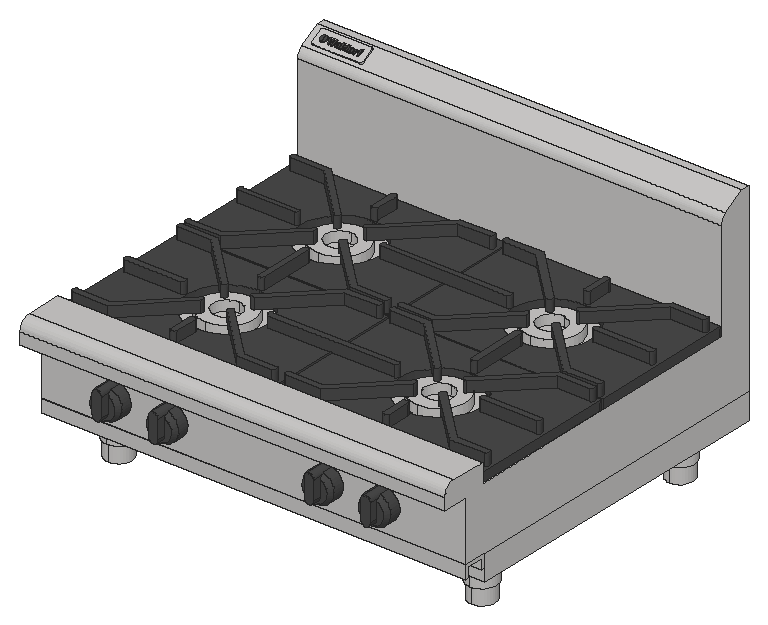
Revit family "QF_MOFFAT WALDORF_RN8900G-B", category Specialty Equipment, Revit 2012
Parameters
  Weight in Pounds = 284.396
  URL Cutsheet = "www.moffat.com"
  URL = "www.moffat.com"
  Type Mark [instance] = ""
  Status [instance] = ""
  Specification by User [instance] = ""
  Specification by Manufacturer = ""
  Show Logo [instance] = yes
  Serial Number = ""
  Seismic Rating = ""
  SMACNA No = ""
  Revision Code [instance] = ""
  Omniclass Number and Title = ""
  NAFEM Spec ID Number = ""
  Model = "RN8900G-B"
  Mechanical Remarks [instance] = ""
  Mechanical Connection Type [instance] = ""
  Masterspec = ""
  Manufacturer = "MOFFAT WALDORF"
  Item Number [instance] = ""
  Installed By [instance] = ""
  Identify Quantity as Lot [instance] = yes
  Gas Size = 3/4"
  Gas RI Height [instance] = 0.0 mm
  Gas KW [instance] = 31
  Gas Input [instance] = 106156.0 Btu/h
  Gas Connection Height = 0.0 mm
  Furnished By [instance] = ""
  Foodservice Equipment Identifier [instance] = yes
  Description = "COOK TOP GAS BENCH MOUNT"
  CSI MasterFormat = ""
  CSI Master Format = ""
  Base Height [instance] = 85.0 mm
Reference planes
  plane 1 "BACK": y = 0
  plane 2: z = 0
  plane 3 "LEFT": x = 0
  plane 4 "RIGHT": x = 900
  plane 5 "FRONT": y = -805
  plane 6 "TOP": z = 530
  plane 7 "Center Y": x = 450
  plane 8 "Center X": y = -402.5
  plane 9 "Base Height": z = 85
  plane 10: z = 315
  plane 11: x = 65.8
Forms (mm)
  Extrusion 1, solid, material "QF_Finishes_Stainless Steel"
    sketch origin (0, 0, 0) x (0, 1, 0) y (0, 0, 1)
      loop
        line (-805, 291) -> (-805, 266) -> (-749, 266) -> (-749, 140) -> (0, 140) -> (0, 530) -> (-16.5, 530) -> (-58.709, 505.631)
        arc (-58.709, 505.631) -> (-66.975, 497.365) -> (-70, 486.074) r 22.582
        line (-70, 486.074) -> (-70, 275) -> (-705, 275) -> (-705, 315) -> (-781, 315)
        arc (-781, 315) -> (-797.971, 307.971) -> (-805, 291) r 24
      loop
        line (0, 85) -> (0, 139.206) -> (-699, 139.206) -> (-699, 85) -> (0, 85)
      loop
        line (-749, 139.206) -> (-749, 112.019) -> (-742.6, 112.019) -> (-742.6, 132.806) -> (-706.4, 132.806) -> (-706.4, 112.019) -> (-700, 112.019) -> (-700, 139.206) -> (-749, 139.206)
    from 0 to 900
  Revolve 2, solid, material "QF_Finishes_Stainless Steel"
    sketch origin (835, -210, 0) x (0, 1, 0) y (0, 0, -1)
      loop
        line (78.25, -85) -> (110, -85) -> (110, 0) -> (82.5, 0) -> (82.5, -35) -> (78.25, -35) -> (78.25, -85)
      axis (110, -85) -> (110, 0)
    angle from 0 to 360
  Revolve 3, solid, material "QF_Finishes_Stainless Steel"
    sketch origin (65, -210, 0) x (0, 1, 0) y (0, 0, 1)
      loop
        line (78.25, 85) -> (78.25, 35) -> (82.5, 35) -> (82.5, 0) -> (110, 0) -> (110, 85) -> (78.25, 85)
      axis (110, 85) -> (110, 0)
    angle from 0 to 360
  Revolve 4, solid, material "QF_Finishes_Black"
    sketch origin (285.001, 0, 0) x (0, -1, 0) y (0, 0, 1)
      loop
        line (782, 234.605) -> (759, 234.605) -> (759, 207.105) -> (749, 207.105) -> (749, 202.105) -> (793, 202.105) -> (793, 228.757) -> (782, 234.605)
      axis (793, 202.105) -> (749, 202.105)
    angle from 0 to 360
  Extrusion 5, solid, material "QF_Finishes_Black"
    sketch origin (-3.43, 0, -103.997) x (1, 0, 0) y (0, 0, 1)
      loop
        line (298.431, 294) -> (298.431, 332.997)
        arc (298.431, 332.997) -> (288.431, 342.997) -> (278.431, 332.997) r 10
        line (278.431, 332.997) -> (278.431, 294)
        arc (278.431, 294) -> (288.431, 284) -> (298.431, 294) r 10
    from 759 to 808
  Extrusion 6, solid, material "QF_Finishes_Stainless Steel"
    sketch origin (705, 3, -505) x (1, 0, 0) y (0, 1, 0)
      loop
        circle (65, -35) r 13.5
    from 560 to 590
  Revolve 7, solid, material "QF_Finishes_Black"
    sketch origin (165, 0, -0.127) x (0, 1, 0) y (0, 0, -1)
      loop
        line (-782, -234.5) -> (-759, -234.5) -> (-759, -207) -> (-749, -207) -> (-749, -202) -> (-793, -202) -> (-793, -228.651) -> (-782, -234.5)
      axis (-793, -202) -> (-749, -202)
    angle from 0 to 360
  Extrusion 8, solid, material "QF_Finishes_Black"
    sketch origin (303.27, 0, 0.031) x (-1, 0, 0) y (0, 0, -1)
      loop
        arc (148.269, -189.969) -> (138.269, -179.969) -> (128.269, -189.969) r 10
        line (128.269, -189.969) -> (128.269, -228.969)
        arc (128.269, -228.969) -> (138.269, -238.969) -> (148.269, -228.969) r 10
        line (148.269, -228.969) -> (148.269, -189.969)
    from 759 to 808
  Extrusion 9, solid, material "QF_Finishes_Black"
    sketch origin (0, -70, 294.5) x (0, -1, 0) y (1, 0, 0)
      loop
        spline (259.398, 230.775) -> (258.104, 230.557) -> (256.898, 229.918) -> (255.862, 228.9) -> (255.068, 227.575) -> (254.568, 226.031) -> (254.398, 224.375) -> (254.568, 222.719) -> (255.068, 221.175) -> (255.862, 219.85) -> (256.898, 218.832) -> (258.104, 218.193) -> (259.398, 217.975)
        line (259.398, 217.975) -> (375.602, 217.975)
        spline (375.602, 217.975) -> (376.896, 218.193) -> (378.102, 218.832) -> (379.138, 219.85) -> (379.932, 221.175) -> (380.432, 222.719) -> (380.602, 224.375) -> (380.432, 226.031) -> (379.932, 227.575) -> (379.138, 228.9) -> (378.102, 229.918) -> (376.896, 230.557) -> (375.602, 230.775)
        line (375.602, 230.775) -> (259.398, 230.775)
      loop
        spline (608.602, 217.975) -> (609.896, 218.193) -> (611.102, 218.832) -> (612.138, 219.85) -> (612.932, 221.175) -> (613.432, 222.719) -> (613.602, 224.375) -> (613.432, 226.031) -> (612.932, 227.575) -> (612.138, 228.9) -> (611.102, 229.918) -> (609.896, 230.557) -> (608.602, 230.775)
        line (608.602, 230.775) -> (559.398, 230.775)
        spline (559.398, 230.775) -> (558.104, 230.557) -> (556.898, 229.918) -> (555.862, 228.9) -> (555.068, 227.575) -> (554.568, 226.031) -> (554.398, 224.375) -> (554.568, 222.719) -> (555.068, 221.175) -> (555.862, 219.85) -> (556.898, 218.832) -> (558.104, 218.193) -> (559.398, 217.975)
        line (559.398, 217.975) -> (608.602, 217.975)
      loop
        line (473.9, 13.273) -> (473.9, 132.477)
        spline (473.9, 132.477) -> (473.682, 133.771) -> (473.043, 134.977) -> (472.025, 136.013) -> (470.7, 136.807) -> (469.156, 137.307) -> (467.5, 137.477) -> (465.844, 137.307) -> (464.3, 136.807) -> (462.975, 136.013) -> (461.957, 134.977) -> (461.318, 133.771) -> (461.1, 132.477)
        line (461.1, 132.477) -> (461.1, 13.273)
        spline (461.1, 13.273) -> (461.318, 11.979) -> (461.957, 10.773) -> (462.975, 9.737) -> (464.3, 8.943) -> (465.844, 8.443) -> (467.5, 8.273) -> (469.156, 8.443) -> (470.7, 8.943) -> (472.025, 9.737) -> (473.043, 10.773) -> (473.682, 11.979) -> (473.9, 13.273)
      loop
        line (21.428, 87.354) -> (21.428, 13.21)
        spline (21.428, 13.21) -> (21.656, 11.916) -> (22.325, 10.71) -> (23.39, 9.675) -> (24.778, 8.88) -> (26.394, 8.381) -> (28.128, 8.21) -> (29.862, 8.381) -> (31.478, 8.88) -> (32.865, 9.675) -> (33.93, 10.71) -> (34.599, 11.916) -> (34.828, 13.21)
        line (34.828, 13.21) -> (34.828, 82.652) -> (140.576, 188.4)
        spline (140.576, 188.4) -> (141.337, 189.47) -> (141.738, 190.774) -> (141.751, 192.226) -> (141.375, 193.725) -> (140.637, 195.17) -> (139.586, 196.461) -> (138.295, 197.512) -> (136.85, 198.25) -> (135.351, 198.626) -> (133.899, 198.613) -> (132.595, 198.212) -> (131.525, 197.451)
        line (131.525, 197.451) -> (21.428, 87.354)
      loop
        spline (26.398, 230.775) -> (25.104, 230.557) -> (23.898, 229.918) -> (22.862, 228.9) -> (22.068, 227.575) -> (21.568, 226.031) -> (21.398, 224.375) -> (21.568, 222.719) -> (22.068, 221.175) -> (22.862, 219.85) -> (23.898, 218.832) -> (25.104, 218.193) -> (26.398, 217.975)
        line (26.398, 217.975) -> (75.602, 217.975)
        spline (75.602, 217.975) -> (76.896, 218.193) -> (78.102, 218.832) -> (79.138, 219.85) -> (79.932, 221.175) -> (80.432, 222.719) -> (80.602, 224.375) -> (80.432, 226.031) -> (79.932, 227.575) -> (79.138, 228.9) -> (78.102, 229.918) -> (76.896, 230.557) -> (75.602, 230.775)
        line (75.602, 230.775) -> (26.398, 230.775)
      loop
        line (313.572, 87.354) -> (203.475, 197.451)
        spline (203.475, 197.451) -> (202.405, 198.212) -> (201.101, 198.613) -> (199.649, 198.626) -> (198.15, 198.25) -> (196.705, 197.512) -> (195.414, 196.461) -> (194.363, 195.17) -> (193.625, 193.725) -> (193.249, 192.226) -> (193.262, 190.774) -> (193.663, 189.47) -> (194.424, 188.4)
        line (194.424, 188.4) -> (300.172, 82.652) -> (300.172, 13.21)
        spline (300.172, 13.21) -> (300.401, 11.916) -> (301.07, 10.71) -> (302.135, 9.675) -> (303.522, 8.88) -> (305.138, 8.381) -> (306.872, 8.21) -> (308.606, 8.381) -> (310.222, 8.88) -> (311.61, 9.675) -> (312.675, 10.71) -> (313.344, 11.916) -> (313.572, 13.21)
        line (313.572, 13.21) -> (313.572, 87.354)
      loop
        line (173.9, 13.273) -> (173.9, 132.477)
        spline (173.9, 132.477) -> (173.682, 133.771) -> (173.043, 134.977) -> (172.025, 136.013) -> (170.7, 136.807) -> (169.156, 137.307) -> (167.5, 137.477) -> (165.844, 137.307) -> (164.3, 136.807) -> (162.975, 136.013) -> (161.957, 134.977) -> (161.318, 133.771) -> (161.1, 132.477)
        line (161.1, 132.477) -> (161.1, 13.273)
        spline (161.1, 13.273) -> (161.318, 11.979) -> (161.957, 10.773) -> (162.975, 9.737) -> (164.3, 8.943) -> (165.844, 8.443) -> (167.5, 8.273) -> (169.156, 8.443) -> (170.7, 8.943) -> (172.025, 9.737) -> (173.043, 10.773) -> (173.682, 11.979) -> (173.9, 13.273)
      loop
        line (21.428, 361.396) -> (131.525, 251.299)
        spline (131.525, 251.299) -> (132.595, 250.538) -> (133.899, 250.137) -> (135.351, 250.124) -> (136.85, 250.5) -> (138.295, 251.238) -> (139.586, 252.289) -> (140.637, 253.58) -> (141.375, 255.025) -> (141.751, 256.524) -> (141.738, 257.976) -> (141.337, 259.28) -> (140.576, 260.35)
        line (140.576, 260.35) -> (34.828, 366.098) -> (34.828, 435.54)
        spline (34.828, 435.54) -> (34.599, 436.834) -> (33.93, 438.04) -> (32.865, 439.075) -> (31.478, 439.87) -> (29.862, 440.369) -> (28.128, 440.54) -> (26.394, 440.369) -> (24.778, 439.87) -> (23.39, 439.075) -> (22.325, 438.04) -> (21.656, 436.834) -> (21.428, 435.54)
        line (21.428, 435.54) -> (21.428, 361.396)
      loop
        line (313.572, 361.396) -> (313.572, 435.54)
        spline (313.572, 435.54) -> (313.344, 436.834) -> (312.675, 438.04) -> (311.61, 439.075) -> (310.222, 439.87) -> (308.606, 440.369) -> (306.872, 440.54) -> (305.138, 440.369) -> (303.522, 439.87) -> (302.135, 439.075) -> (301.07, 438.04) -> (300.401, 436.834) -> (300.172, 435.54)
        line (300.172, 435.54) -> (300.172, 366.098) -> (194.424, 260.35)
        spline (194.424, 260.35) -> (193.663, 259.28) -> (193.262, 257.976) -> (193.249, 256.524) -> (193.625, 255.025) -> (194.363, 253.58) -> (195.414, 252.289) -> (196.705, 251.238) -> (198.15, 250.5) -> (199.649, 250.124) -> (201.101, 250.137) -> (202.405, 250.538) -> (203.475, 251.299)
        line (203.475, 251.299) -> (313.572, 361.396)
      loop
        spline (173.9, 583.727) -> (173.682, 585.021) -> (173.043, 586.227) -> (172.025, 587.263) -> (170.7, 588.057) -> (169.156, 588.557) -> (167.5, 588.727) -> (165.844, 588.557) -> (164.3, 588.057) -> (162.975, 587.263) -> (161.957, 586.227) -> (161.318, 585.021) -> (161.1, 583.727)
        line (161.1, 583.727) -> (161.1, 316.273)
        spline (161.1, 316.273) -> (161.318, 314.979) -> (161.957, 313.773) -> (162.975, 312.737) -> (164.3, 311.943) -> (165.844, 311.443) -> (167.5, 311.273) -> (169.156, 311.443) -> (170.7, 311.943) -> (172.025, 312.737) -> (173.043, 313.773) -> (173.682, 314.979) -> (173.9, 316.273)
        line (173.9, 316.273) -> (173.9, 583.727)
      loop
        line (320.428, 87.354) -> (320.428, 13.21)
        spline (320.428, 13.21) -> (320.656, 11.916) -> (321.325, 10.71) -> (322.39, 9.675) -> (323.778, 8.88) -> (325.394, 8.381) -> (327.128, 8.21) -> (328.862, 8.381) -> (330.478, 8.88) -> (331.865, 9.675) -> (332.93, 10.71) -> (333.599, 11.916) -> (333.828, 13.21)
        line (333.828, 13.21) -> (333.828, 82.652) -> (439.576, 188.4)
        spline (439.576, 188.4) -> (440.337, 189.47) -> (440.738, 190.774) -> (440.751, 192.226) -> (440.375, 193.725) -> (439.637, 195.17) -> (438.586, 196.461) -> (437.295, 197.512) -> (435.85, 198.25) -> (434.351, 198.626) -> (432.899, 198.613) -> (431.595, 198.212) -> (430.525, 197.451)
        line (430.525, 197.451) -> (320.428, 87.354)
      loop
        line (612.572, 87.354) -> (502.475, 197.451)
        spline (502.475, 197.451) -> (501.405, 198.212) -> (500.101, 198.613) -> (498.649, 198.626) -> (497.15, 198.25) -> (495.705, 197.512) -> (494.414, 196.461) -> (493.363, 195.17) -> (492.625, 193.725) -> (492.249, 192.226) -> (492.262, 190.774) -> (492.663, 189.47) -> (493.424, 188.4)
        line (493.424, 188.4) -> (599.172, 82.652) -> (599.172, 13.21)
        spline (599.172, 13.21) -> (599.401, 11.916) -> (600.07, 10.71) -> (601.135, 9.675) -> (602.522, 8.88) -> (604.138, 8.381) -> (605.872, 8.21) -> (607.606, 8.381) -> (609.222, 8.88) -> (610.61, 9.675) -> (611.675, 10.71) -> (612.344, 11.916) -> (612.572, 13.21)
        line (612.572, 13.21) -> (612.572, 87.354)
      loop
        line (320.428, 361.396) -> (430.525, 251.299)
        spline (430.525, 251.299) -> (431.595, 250.538) -> (432.899, 250.137) -> (434.351, 250.124) -> (435.85, 250.5) -> (437.295, 251.238) -> (438.586, 252.289) -> (439.637, 253.58) -> (440.375, 255.025) -> (440.751, 256.524) -> (440.738, 257.976) -> (440.337, 259.28) -> (439.576, 260.35)
        line (439.576, 260.35) -> (333.828, 366.098) -> (333.828, 435.54)
        spline (333.828, 435.54) -> (333.599, 436.834) -> (332.93, 438.04) -> (331.865, 439.075) -> (330.478, 439.87) -> (328.862, 440.369) -> (327.128, 440.54) -> (325.394, 440.369) -> (323.778, 439.87) -> (322.39, 439.075) -> (321.325, 438.04) -> (320.656, 436.834) -> (320.428, 435.54)
        line (320.428, 435.54) -> (320.428, 361.396)
      loop
        line (612.572, 361.396) -> (612.572, 435.54)
        spline (612.572, 435.54) -> (612.344, 436.834) -> (611.675, 438.04) -> (610.61, 439.075) -> (609.222, 439.87) -> (607.606, 440.369) -> (605.872, 440.54) -> (604.138, 440.369) -> (602.522, 439.87) -> (601.135, 439.075) -> (600.07, 438.04) -> (599.401, 436.834) -> (599.172, 435.54)
        line (599.172, 435.54) -> (599.172, 366.098) -> (493.424, 260.35)
        spline (493.424, 260.35) -> (492.663, 259.28) -> (492.262, 257.976) -> (492.249, 256.524) -> (492.625, 255.025) -> (493.363, 253.58) -> (494.414, 252.289) -> (495.705, 251.238) -> (497.15, 250.5) -> (498.649, 250.124) -> (500.101, 250.137) -> (501.405, 250.538) -> (502.475, 251.299)
        line (502.475, 251.299) -> (612.572, 361.396)
      loop
        spline (472.9, 583.727) -> (472.682, 585.021) -> (472.043, 586.227) -> (471.025, 587.263) -> (469.7, 588.057) -> (468.156, 588.557) -> (466.5, 588.727) -> (464.844, 588.557) -> (463.3, 588.057) -> (461.975, 587.263) -> (460.957, 586.227) -> (460.318, 585.021) -> (460.1, 583.727)
        line (460.1, 583.727) -> (460.1, 316.273)
        spline (460.1, 316.273) -> (460.318, 314.979) -> (460.957, 313.773) -> (461.975, 312.737) -> (463.3, 311.943) -> (464.844, 311.443) -> (466.5, 311.273) -> (468.156, 311.443) -> (469.7, 311.943) -> (471.025, 312.737) -> (472.043, 313.773) -> (472.682, 314.979) -> (472.9, 316.273)
        line (472.9, 316.273) -> (472.9, 583.727)
      loop
        line (259.398, 669.225) -> (375.602, 669.225)
        spline (375.602, 669.225) -> (376.896, 669.443) -> (378.102, 670.082) -> (379.138, 671.1) -> (379.932, 672.425) -> (380.432, 673.969) -> (380.602, 675.625) -> (380.432, 677.281) -> (379.932, 678.825) -> (379.138, 680.15) -> (378.102, 681.168) -> (376.896, 681.807) -> (375.602, 682.025)
        line (375.602, 682.025) -> (259.398, 682.025)
        spline (259.398, 682.025) -> (258.104, 681.807) -> (256.898, 681.168) -> (255.862, 680.15) -> (255.068, 678.825) -> (254.568, 677.281) -> (254.398, 675.625) -> (254.568, 673.969) -> (255.068, 672.425) -> (255.862, 671.1) -> (256.898, 670.082) -> (258.104, 669.443) -> (259.398, 669.225)
      loop
        line (608.602, 682.025) -> (559.398, 682.025)
        spline (559.398, 682.025) -> (558.104, 681.807) -> (556.898, 681.168) -> (555.862, 680.15) -> (555.068, 678.825) -> (554.568, 677.281) -> (554.398, 675.625) -> (554.568, 673.969) -> (555.068, 672.425) -> (555.862, 671.1) -> (556.898, 670.082) -> (558.104, 669.443) -> (559.398, 669.225)
        line (559.398, 669.225) -> (608.602, 669.225)
        spline (608.602, 669.225) -> (609.896, 669.443) -> (611.102, 670.082) -> (612.138, 671.1) -> (612.932, 672.425) -> (613.432, 673.969) -> (613.602, 675.625) -> (613.432, 677.281) -> (612.932, 678.825) -> (612.138, 680.15) -> (611.102, 681.168) -> (609.896, 681.807) -> (608.602, 682.025)
      loop
        spline (473.9, 886.727) -> (473.682, 888.021) -> (473.043, 889.227) -> (472.025, 890.263) -> (470.7, 891.057) -> (469.156, 891.557) -> (467.5, 891.727) -> (465.844, 891.557) -> (464.3, 891.057) -> (462.975, 890.263) -> (461.957, 889.227) -> (461.318, 888.021) -> (461.1, 886.727)
        line (461.1, 886.727) -> (461.1, 767.523)
        spline (461.1, 767.523) -> (461.318, 766.229) -> (461.957, 765.023) -> (462.975, 763.987) -> (464.3, 763.193) -> (465.844, 762.693) -> (467.5, 762.523) -> (469.156, 762.693) -> (470.7, 763.193) -> (472.025, 763.987) -> (473.043, 765.023) -> (473.682, 766.229) -> (473.9, 767.523)
        line (473.9, 767.523) -> (473.9, 886.727)
      loop
        line (21.428, 812.646) -> (131.525, 702.549)
        spline (131.525, 702.549) -> (132.595, 701.788) -> (133.899, 701.387) -> (135.351, 701.374) -> (136.85, 701.75) -> (138.295, 702.488) -> (139.586, 703.539) -> (140.637, 704.83) -> (141.375, 706.275) -> (141.751, 707.774) -> (141.738, 709.226) -> (141.337, 710.53) -> (140.576, 711.6)
        line (140.576, 711.6) -> (34.828, 817.348) -> (34.828, 886.79)
        spline (34.828, 886.79) -> (34.599, 888.084) -> (33.93, 889.29) -> (32.865, 890.325) -> (31.478, 891.12) -> (29.862, 891.619) -> (28.128, 891.79) -> (26.394, 891.619) -> (24.778, 891.12) -> (23.39, 890.325) -> (22.325, 889.29) -> (21.656, 888.084) -> (21.428, 886.79)
        line (21.428, 886.79) -> (21.428, 812.646)
      loop
        line (26.398, 669.225) -> (75.602, 669.225)
        spline (75.602, 669.225) -> (76.896, 669.443) -> (78.102, 670.082) -> (79.138, 671.1) -> (79.932, 672.425) -> (80.432, 673.969) -> (80.602, 675.625) -> (80.432, 677.281) -> (79.932, 678.825) -> (79.138, 680.15) -> (78.102, 681.168) -> (76.896, 681.807) -> (75.602, 682.025)
        line (75.602, 682.025) -> (26.398, 682.025)
        spline (26.398, 682.025) -> (25.104, 681.807) -> (23.898, 681.168) -> (22.862, 680.15) -> (22.068, 678.825) -> (21.568, 677.281) -> (21.398, 675.625) -> (21.568, 673.969) -> (22.068, 672.425) -> (22.862, 671.1) -> (23.898, 670.082) -> (25.104, 669.443) -> (26.398, 669.225)
      loop
        line (313.572, 812.646) -> (313.572, 886.79)
        spline (313.572, 886.79) -> (313.344, 888.084) -> (312.675, 889.29) -> (311.61, 890.325) -> (310.222, 891.12) -> (308.606, 891.619) -> (306.872, 891.79) -> (305.138, 891.619) -> (303.522, 891.12) -> (302.135, 890.325) -> (301.07, 889.29) -> (300.401, 888.084) -> (300.172, 886.79)
        line (300.172, 886.79) -> (300.172, 817.348) -> (194.424, 711.6)
        spline (194.424, 711.6) -> (193.663, 710.53) -> (193.262, 709.226) -> (193.249, 707.774) -> (193.625, 706.275) -> (194.363, 704.83) -> (195.414, 703.539) -> (196.705, 702.488) -> (198.15, 701.75) -> (199.649, 701.374) -> (201.101, 701.387) -> (202.405, 701.788) -> (203.475, 702.549)
        line (203.475, 702.549) -> (313.572, 812.646)
      loop
        spline (173.9, 886.727) -> (173.682, 888.021) -> (173.043, 889.227) -> (172.025, 890.263) -> (170.7, 891.057) -> (169.156, 891.557) -> (167.5, 891.727) -> (165.844, 891.557) -> (164.3, 891.057) -> (162.975, 890.263) -> (161.957, 889.227) -> (161.318, 888.021) -> (161.1, 886.727)
        line (161.1, 886.727) -> (161.1, 767.523)
        spline (161.1, 767.523) -> (161.318, 766.229) -> (161.957, 765.023) -> (162.975, 763.987) -> (164.3, 763.193) -> (165.844, 762.693) -> (167.5, 762.523) -> (169.156, 762.693) -> (170.7, 763.193) -> (172.025, 763.987) -> (173.043, 765.023) -> (173.682, 766.229) -> (173.9, 767.523)
        line (173.9, 767.523) -> (173.9, 886.727)
      loop
        line (21.428, 538.604) -> (21.428, 464.46)
        spline (21.428, 464.46) -> (21.656, 463.166) -> (22.325, 461.96) -> (23.39, 460.925) -> (24.778, 460.13) -> (26.394, 459.631) -> (28.128, 459.46) -> (29.862, 459.631) -> (31.478, 460.13) -> (32.865, 460.925) -> (33.93, 461.96) -> (34.599, 463.166) -> (34.828, 464.46)
        line (34.828, 464.46) -> (34.828, 533.902) -> (140.576, 639.65)
        spline (140.576, 639.65) -> (141.337, 640.72) -> (141.738, 642.024) -> (141.751, 643.476) -> (141.375, 644.975) -> (140.637, 646.42) -> (139.586, 647.711) -> (138.295, 648.762) -> (136.85, 649.5) -> (135.351, 649.876) -> (133.899, 649.863) -> (132.595, 649.462) -> (131.525, 648.701)
        line (131.525, 648.701) -> (21.428, 538.604)
      loop
        line (313.572, 538.604) -> (203.475, 648.701)
        spline (203.475, 648.701) -> (202.405, 649.462) -> (201.101, 649.863) -> (199.649, 649.876) -> (198.15, 649.5) -> (196.705, 648.762) -> (195.414, 647.711) -> (194.363, 646.42) -> (193.625, 644.975) -> (193.249, 643.476) -> (193.262, 642.024) -> (193.663, 640.72) -> (194.424, 639.65)
        line (194.424, 639.65) -> (300.172, 533.902) -> (300.172, 464.46)
        spline (300.172, 464.46) -> (300.401, 463.166) -> (301.07, 461.96) -> (302.135, 460.925) -> (303.522, 460.13) -> (305.138, 459.631) -> (306.872, 459.46) -> (308.606, 459.631) -> (310.222, 460.13) -> (311.61, 460.925) -> (312.675, 461.96) -> (313.344, 463.166) -> (313.572, 464.46)
        line (313.572, 464.46) -> (313.572, 538.604)
      loop
        line (320.428, 812.646) -> (430.525, 702.549)
        spline (430.525, 702.549) -> (431.595, 701.788) -> (432.899, 701.387) -> (434.351, 701.374) -> (435.85, 701.75) -> (437.295, 702.488) -> (438.586, 703.539) -> (439.637, 704.83) -> (440.375, 706.275) -> (440.751, 707.774) -> (440.738, 709.226) -> (440.337, 710.53) -> (439.576, 711.6)
        line (439.576, 711.6) -> (333.828, 817.348) -> (333.828, 886.79)
        spline (333.828, 886.79) -> (333.599, 888.084) -> (332.93, 889.29) -> (331.865, 890.325) -> (330.478, 891.12) -> (328.862, 891.619) -> (327.128, 891.79) -> (325.394, 891.619) -> (323.778, 891.12) -> (322.39, 890.325) -> (321.325, 889.29) -> (320.656, 888.084) -> (320.428, 886.79)
        line (320.428, 886.79) -> (320.428, 812.646)
      loop
        line (612.572, 812.646) -> (612.572, 886.79)
        spline (612.572, 886.79) -> (612.344, 888.084) -> (611.675, 889.29) -> (610.61, 890.325) -> (609.222, 891.12) -> (607.606, 891.619) -> (605.872, 891.79) -> (604.138, 891.619) -> (602.522, 891.12) -> (601.135, 890.325) -> (600.07, 889.29) -> (599.401, 888.084) -> (599.172, 886.79)
        line (599.172, 886.79) -> (599.172, 817.348) -> (493.424, 711.6)
        spline (493.424, 711.6) -> (492.663, 710.53) -> (492.262, 709.226) -> (492.249, 707.774) -> (492.625, 706.275) -> (493.363, 704.83) -> (494.414, 703.539) -> (495.705, 702.488) -> (497.15, 701.75) -> (498.649, 701.374) -> (500.101, 701.387) -> (501.405, 701.788) -> (502.475, 702.549)
        line (502.475, 702.549) -> (612.572, 812.646)
      loop
        line (320.428, 538.604) -> (320.428, 464.46)
        spline (320.428, 464.46) -> (320.656, 463.166) -> (321.325, 461.96) -> (322.39, 460.925) -> (323.778, 460.13) -> (325.394, 459.631) -> (327.128, 459.46) -> (328.862, 459.631) -> (330.478, 460.13) -> (331.865, 460.925) -> (332.93, 461.96) -> (333.599, 463.166) -> (333.828, 464.46)
        line (333.828, 464.46) -> (333.828, 533.902) -> (439.576, 639.65)
        spline (439.576, 639.65) -> (440.337, 640.72) -> (440.738, 642.024) -> (440.751, 643.476) -> (440.375, 644.975) -> (439.637, 646.42) -> (438.586, 647.711) -> (437.295, 648.762) -> (435.85, 649.5) -> (434.351, 649.876) -> (432.899, 649.863) -> (431.595, 649.462) -> (430.525, 648.701)
        line (430.525, 648.701) -> (320.428, 538.604)
      loop
        line (612.572, 538.604) -> (502.475, 648.701)
        spline (502.475, 648.701) -> (501.405, 649.462) -> (500.101, 649.863) -> (498.649, 649.876) -> (497.15, 649.5) -> (495.705, 648.762) -> (494.414, 647.711) -> (493.363, 646.42) -> (492.625, 644.975) -> (492.249, 643.476) -> (492.262, 642.024) -> (492.663, 640.72) -> (493.424, 639.65)
        line (493.424, 639.65) -> (599.172, 533.902) -> (599.172, 464.46)
        spline (599.172, 464.46) -> (599.401, 463.166) -> (600.07, 461.96) -> (601.135, 460.925) -> (602.522, 460.13) -> (604.138, 459.631) -> (605.872, 459.46) -> (607.606, 459.631) -> (609.222, 460.13) -> (610.61, 460.925) -> (611.675, 461.96) -> (612.344, 463.166) -> (612.572, 464.46)
        line (612.572, 464.46) -> (612.572, 538.604)
    from 0 to 23.5
  Revolve 10, solid, material "QF_Finishes_Black"
    sketch origin (735, 0, 0) x (0, -1, 0) y (0, 0, 1)
      loop
        line (782, 234.605) -> (759, 234.605) -> (759, 207.105) -> (749, 207.105) -> (749, 202.105) -> (793, 202.105) -> (793, 228.757) -> (782, 234.605)
      axis (793, 202.105) -> (749, 202.105)
    angle from 0 to 360
  Extrusion 11, solid, material "QF_Finishes_Black"
    sketch origin (596.569, 0, -103.997) x (1, 0, 0) y (0, 0, 1)
      loop
        line (148.431, 294) -> (148.431, 332.997)
        arc (148.431, 332.997) -> (138.431, 342.997) -> (128.431, 332.997) r 10
        line (128.431, 332.997) -> (128.431, 294)
        arc (128.431, 294) -> (138.431, 284) -> (148.431, 294) r 10
    from 759 to 808
  Revolve 12, solid, material "QF_Finishes_Black"
    sketch origin (615, 0, -0.093) x (0, 1, 0) y (0, 0, -1)
      loop
        line (-782, -234.5) -> (-759, -234.5) -> (-759, -207) -> (-749, -207) -> (-749, -202) -> (-793, -202) -> (-793, -228.651) -> (-782, -234.5)
      axis (-793, -202) -> (-749, -202)
    angle from 0 to 360
  Extrusion 13, solid, material "QF_Finishes_Black"
    sketch origin (603.269, 0, 0.031) x (-1, 0, 0) y (0, 0, -1)
      loop
        arc (-1.731, -189.969) -> (-11.731, -179.969) -> (-21.731, -189.969) r 10
        line (-21.731, -189.969) -> (-21.731, -228.969)
        arc (-21.731, -228.969) -> (-11.731, -238.969) -> (-1.731, -228.969) r 10
        line (-1.731, -228.969) -> (-1.731, -189.969)
    from 759 to 808
  Revolve 14, solid, material "QF_Finishes_Stainless Steel"
    sketch origin (835, -735, 0) x (0, 1, 0) y (0, 0, -1)
      loop
        line (78.25, -85) -> (110, -85) -> (110, 0) -> (82.5, 0) -> (82.5, -35) -> (78.25, -35) -> (78.25, -85)
      axis (110, -85) -> (110, 0)
    angle from 0 to 360
  Revolve 15, solid, material "QF_Finishes_Stainless Steel"
    sketch origin (65, -735, 0) x (0, 1, 0) y (0, 0, 1)
      loop
        line (78.25, 85) -> (78.25, 35) -> (82.5, 35) -> (82.5, 0) -> (110, 0) -> (110, 85) -> (78.25, 85)
      axis (110, 85) -> (110, 0)
    angle from 0 to 360
  Extrusion 16, solid, material "QF_Finishes_Stainless Steel"
    sketch origin (0, -70, 275) x (0, -1, 0) y (1, 0, 0)
      loop
        circle (167.5, 224) r 57
      loop
        circle (167.5, 674) r 57
      loop
        circle (466.5, 674) r 57
      loop
        circle (466.5, 224) r 57
      loop
        circle (167.5, 224) r 30
      loop
        circle (167.5, 674) r 30
      loop
        circle (466.5, 674) r 30
      loop
        circle (466.5, 224) r 30
    from 0 to 20
  Extrusion 17, solid, material "QF_Finishes_Black"
    sketch origin (0, -70, 275) x (0, -1, 0) y (1, 0, 0)
      loop
        arc (1, 4) -> (1.879, 1.879) -> (4, 1) r 3
        line (4, 1) -> (312.375, 1)
        arc (312.375, 1) -> (314.496, 1.879) -> (315.375, 4) r 3
        line (315.375, 4) -> (315.375, 445.187)
        arc (315.375, 445.187) -> (314.496, 447.309) -> (312.375, 448.187) r 3
        line (312.375, 448.187) -> (4, 448.187)
        arc (4, 448.187) -> (1.879, 447.309) -> (1, 445.187) r 3
        line (1, 445.187) -> (1, 4)
      loop
        line (631, 899) -> (321.375, 899)
        arc (321.375, 899) -> (319.254, 898.121) -> (318.375, 896) r 3
        line (318.375, 896) -> (318.375, 454.812)
        arc (318.375, 454.812) -> (319.254, 452.691) -> (321.375, 451.812) r 3
        line (321.375, 451.812) -> (631, 451.812)
        arc (631, 451.812) -> (633.121, 452.691) -> (634, 454.812) r 3
        line (634, 454.812) -> (634, 896)
        arc (634, 896) -> (633.121, 898.121) -> (631, 899) r 3
      loop
        arc (4, 899) -> (1.879, 898.121) -> (1, 896) r 3
        line (1, 896) -> (1, 454.812)
        arc (1, 454.812) -> (1.879, 452.691) -> (4, 451.812) r 3
        line (4, 451.812) -> (312.375, 451.812)
        arc (312.375, 451.812) -> (314.496, 452.691) -> (315.375, 454.812) r 3
        line (315.375, 454.812) -> (315.375, 896)
        arc (315.375, 896) -> (314.496, 898.121) -> (312.375, 899) r 3
        line (312.375, 899) -> (4, 899)
      loop
        line (634, 4) -> (634, 445.187)
        arc (634, 445.187) -> (633.121, 447.309) -> (631, 448.187) r 3
        line (631, 448.187) -> (321.375, 448.187)
        arc (321.375, 448.187) -> (319.254, 447.309) -> (318.375, 445.187) r 3
        line (318.375, 445.187) -> (318.375, 4)
        arc (318.375, 4) -> (319.254, 1.879) -> (321.375, 1) r 3
        line (321.375, 1) -> (631, 1)
        arc (631, 1) -> (633.121, 1.879) -> (634, 4) r 3
      loop
        circle (167.98, 675.95) r 84.082
      loop
        circle (467.98, 675.95) r 84.082
      loop
        circle (467.079, 224.937) r 84.082
      loop
        circle (167.079, 224.937) r 84.082
    from 0 to 19.5
Cuts and joins
  joined: Revolve 7, Extrusion 8
  joined: Revolve 4, Extrusion 5
  joined: Revolve 12, Extrusion 13
  joined: Revolve 10, Extrusion 11
Lines and regions (mm)
  Split face 1
    outline origin (49.063, -19.748, 528.125) x (0, -0.866025, -0.5) y (1, 0, 0)
      loop
        line (1.427, 105.5) -> (35.836, 105.5) -> (35.836, 125.5) -> (1.427, 125.5) -> (1.427, 105.5)
  Split face 2
    outline origin (99.063, -19.748, 528.125) x (0, -0.866025, -0.5) y (1, 0, 0)
      loop
        line (1.427, 105.5) -> (35.836, 105.5) -> (35.836, 125.5) -> (1.427, 125.5) -> (1.427, 105.5)
  Split face 3
    outline origin (149.062, -19.748, 528.125) x (0, -0.866025, -0.5) y (1, 0, 0)
      loop
        line (1.427, 105.5) -> (35.836, 105.5) -> (35.836, 125.5) -> (1.427, 125.5) -> (1.427, 105.5)
  Split face 4
    outline origin (199.063, -19.748, 528.125) x (0, -0.866025, -0.5) y (1, 0, 0)
      loop
        line (1.427, 105.5) -> (35.836, 105.5) -> (35.836, 125.5) -> (1.427, 125.5) -> (1.427, 105.5)
  Split face 5
    outline origin (249.062, -19.748, 528.125) x (0, -0.866025, -0.5) y (1, 0, 0)
      loop
        line (1.427, 105.5) -> (35.836, 105.5) -> (35.836, 125.5) -> (1.427, 125.5) -> (1.427, 105.5)
  Split face 6
    outline origin (299.062, -19.748, 528.125) x (0, -0.866025, -0.5) y (1, 0, 0)
      loop
        line (1.427, 105.5) -> (35.836, 105.5) -> (35.836, 125.5) -> (1.427, 125.5) -> (1.427, 105.5)
  Split face 7
    outline origin (349.062, -19.748, 528.125) x (0, -0.866025, -0.5) y (1, 0, 0)
      loop
        line (1.427, 105.5) -> (35.836, 105.5) -> (35.836, 125.5) -> (1.427, 125.5) -> (1.427, 105.5)
  Split face 8
    outline origin (399.062, -19.748, 528.125) x (0, -0.866025, -0.5) y (1, 0, 0)
      loop
        line (1.427, 105.5) -> (35.836, 105.5) -> (35.836, 125.5) -> (1.427, 125.5) -> (1.427, 105.5)
  Split face 9
    outline origin (449.062, -19.748, 528.125) x (0, -0.866025, -0.5) y (1, 0, 0)
      loop
        line (1.427, 105.5) -> (35.836, 105.5) -> (35.836, 125.5) -> (1.427, 125.5) -> (1.427, 105.5)
  Split face 10
    outline origin (499.062, -19.748, 528.125) x (0, -0.866025, -0.5) y (1, 0, 0)
      loop
        line (1.427, 105.5) -> (35.836, 105.5) -> (35.836, 125.5) -> (1.427, 125.5) -> (1.427, 105.5)
  Split face 11
    outline origin (549.062, -19.748, 528.125) x (0, -0.866025, -0.5) y (1, 0, 0)
      loop
        line (1.427, 105.5) -> (35.836, 105.5) -> (35.836, 125.5) -> (1.427, 125.5) -> (1.427, 105.5)
  Split face 12
    outline origin (599.062, -19.748, 528.125) x (0, -0.866025, -0.5) y (1, 0, 0)
      loop
        line (1.427, 105.5) -> (35.836, 105.5) -> (35.836, 125.5) -> (1.427, 125.5) -> (1.427, 105.5)
  symbolic lines, visible <- "Show Logo"
    curve 1: line (12.5, -52.06, 0) -> (12.5, -21.099, 0)
    curve 2: line (121.5, -21.099, 0) -> (121.5, -52.06, 0)
    curve 3: line (12.5, -21.099, 0) -> (121.5, -21.099, 0)
    curve 4: line (12.5, -52.06, 0) -> (121.5, -52.06, 0)
  symbolic lines
    curve 5: line (154.563, -50.782, 0) -> (154.563, -20.984, 0)
    curve 6: line (154.563, -20.984, 0) -> (174.562, -20.984, 0)
    curve 7: line (174.562, -20.984, 0) -> (174.562, -50.782, 0)
    curve 8: line (174.562, -50.782, 0) -> (154.563, -50.782, 0)
    curve 9: line (204.563, -20.984, 0) -> (204.563, -50.782, 0)
    curve 10: line (204.563, -50.782, 0) -> (224.562, -50.782, 0)
    curve 11: line (224.562, -50.782, 0) -> (224.562, -20.984, 0)
    curve 12: line (224.562, -20.984, 0) -> (204.563, -20.984, 0)
    curve 13: line (254.563, -20.984, 0) -> (254.563, -50.782, 0)
    curve 14: line (254.563, -50.782, 0) -> (274.562, -50.782, 0)
    curve 15: line (274.562, -50.782, 0) -> (274.562, -20.984, 0)
    curve 16: line (274.562, -20.984, 0) -> (254.563, -20.984, 0)
    curve 17: line (304.563, -20.984, 0) -> (304.563, -50.782, 0)
    curve 18: line (304.563, -50.782, 0) -> (324.563, -50.782, 0)
    curve 19: line (324.563, -50.782, 0) -> (324.563, -20.984, 0)
    curve 20: line (324.563, -20.984, 0) -> (304.563, -20.984, 0)
    curve 21: line (354.563, -20.984, 0) -> (354.563, -50.782, 0)
    curve 22: line (354.563, -50.782, 0) -> (374.563, -50.782, 0)
    curve 23: line (374.563, -50.782, 0) -> (374.563, -20.984, 0)
    curve 24: line (374.563, -20.984, 0) -> (354.563, -20.984, 0)
    curve 25: line (404.563, -50.782, 0) -> (404.563, -20.984, 0)
    curve 26: line (404.563, -20.984, 0) -> (424.563, -20.984, 0)
    curve 27: line (424.563, -20.984, 0) -> (424.563, -50.782, 0)
    curve 28: line (424.563, -50.782, 0) -> (404.563, -50.782, 0)
    curve 29: line (454.563, -50.782, 0) -> (454.563, -20.984, 0)
    curve 30: line (454.563, -20.984, 0) -> (474.563, -20.984, 0)
    curve 31: line (474.563, -20.984, 0) -> (474.563, -50.782, 0)
    curve 32: line (474.563, -50.782, 0) -> (454.563, -50.782, 0)
    curve 33: line (504.563, -20.984, 0) -> (504.563, -50.782, 0)
    curve 34: line (504.563, -50.782, 0) -> (524.563, -50.782, 0)
    curve 35: line (524.563, -50.782, 0) -> (524.563, -20.984, 0)
    curve 36: line (524.563, -20.984, 0) -> (504.563, -20.984, 0)
    curve 37: line (554.563, -50.782, 0) -> (554.563, -20.984, 0)
    curve 38: line (554.563, -20.984, 0) -> (574.563, -20.984, 0)
    curve 39: line (574.563, -20.984, 0) -> (574.563, -50.782, 0)
    curve 40: line (574.563, -50.782, 0) -> (554.563, -50.782, 0)
    curve 41: line (604.563, -50.782, 0) -> (604.563, -20.984, 0)
    curve 42: line (604.563, -20.984, 0) -> (624.563, -20.984, 0)
    curve 43: line (624.563, -20.984, 0) -> (624.563, -50.782, 0)
    curve 44: line (624.563, -50.782, 0) -> (604.563, -50.782, 0)
    curve 45: line (654.563, -50.782, 0) -> (654.563, -20.984, 0)
    curve 46: line (654.563, -20.984, 0) -> (674.563, -20.984, 0)
    curve 47: line (674.563, -20.984, 0) -> (674.563, -50.782, 0)
    curve 48: line (674.563, -50.782, 0) -> (654.563, -50.782, 0)
    curve 49: line (724.563, -50.782, 0) -> (704.563, -50.782, 0)
    curve 50: line (704.563, -50.782, 0) -> (704.563, -20.984, 0)
    curve 51: line (704.563, -20.984, 0) -> (724.563, -20.984, 0)
    curve 52: line (724.563, -20.984, 0) -> (724.563, -50.782, 0)
    curve 53: line (0, -805, 0) -> (900, -805, 0)
    curve 54: line (0, 0, 0) -> (0, -805, 0)
    curve 55: line (900, -805, 0) -> (900, 0, 0)
    curve 56: line (900, 0, 0) -> (0, 0, 0)
    curve 57: line (0, -70, 0) -> (900, -70, 0)
    curve 58: line (900, -705, 0) -> (0, -705, 0)
    curve 59: line (7.898, -98.128, 0) -> (84.628, -98.128, 0)
    curve 60: line (84.628, -98.128, 0) -> (192.551, -206.051, 0)
    curve 61: line (224, -96.398, 0) -> (224, -145.602, 0)
    curve 62: line (440.102, -98.128, 0) -> (363.372, -98.128, 0)
    curve 63: line (363.372, -98.128, 0) -> (255.449, -206.051, 0)
    curve 64: line (578.727, -237.5, 0) -> (315.898, -237.5, 0)
    curve 65: line (457.898, -98.128, 0) -> (534.628, -98.128, 0)
    curve 66: line (534.628, -98.128, 0) -> (642.551, -206.051, 0)
    curve 67: line (7.898, -237.5, 0) -> (132.102, -237.5, 0)
    curve 68: line (7.898, -376.872, 0) -> (84.628, -376.872, 0)
    curve 69: line (84.628, -376.872, 0) -> (192.551, -268.949, 0)
    curve 70: line (224, -440.611, 0) -> (224, -329.398, 0)
    curve 71: line (440.102, -376.872, 0) -> (363.372, -376.872, 0)
    curve 72: line (363.372, -376.872, 0) -> (255.449, -268.949, 0)
    curve 73: line (7.898, -397.128, 0) -> (84.628, -397.128, 0)
    curve 74: line (84.628, -397.128, 0) -> (192.551, -505.051, 0)
    curve 75: line (440.102, -397.128, 0) -> (363.372, -397.128, 0)
    curve 76: line (363.372, -397.128, 0) -> (255.449, -505.051, 0)
    curve 77: line (578.727, -536.5, 0) -> (315.898, -536.5, 0)
    curve 78: line (7.898, -536.5, 0) -> (132.102, -536.5, 0)
    curve 79: line (7.898, -675.872, 0) -> (84.628, -675.872, 0)
    curve 80: line (84.628, -675.872, 0) -> (192.551, -567.949, 0)
    curve 81: line (224, -677.602, 0) -> (224, -628.398, 0)
    curve 82: line (440.102, -675.872, 0) -> (363.372, -675.872, 0)
    curve 83: line (363.372, -675.872, 0) -> (255.449, -567.949, 0)
    curve 84: arc (224, -479.5, 0) -> (281, -536.5, 0) -> (224, -593.5, 0) r 57
    curve 85: arc (224, -593.5, 0) -> (167, -536.5, 0) -> (224, -479.5, 0) r 57
    curve 86: arc (224, -180.5, 0) -> (281, -237.5, 0) -> (224, -294.5, 0) r 57
    curve 87: arc (224, -294.5, 0) -> (167, -237.5, 0) -> (224, -180.5, 0) r 57
    curve 88: arc (674, -294.5, 0) -> (617, -237.5, 0) -> (674, -180.5, 0) r 57
    curve 89: arc (674, -180.5, 0) -> (731, -237.5, 0) -> (674, -294.5, 0) r 57
    curve 90: arc (674, -593.5, 0) -> (617, -536.5, 0) -> (674, -479.5, 0) r 57
    curve 91: arc (674, -479.5, 0) -> (731, -536.5, 0) -> (674, -593.5, 0) r 57
    curve 92: line (457.898, -376.872, 0) -> (534.628, -376.872, 0)
    curve 93: line (534.628, -376.872, 0) -> (642.551, -268.949, 0)
    curve 94: line (890.102, -98.128, 0) -> (813.372, -98.128, 0)
    curve 95: line (813.372, -98.128, 0) -> (705.449, -206.051, 0)
    curve 96: line (674, -96.398, 0) -> (674, -145.602, 0)
    curve 97: line (890.102, -237.5, 0) -> (765.898, -237.5, 0)
    curve 98: line (890.102, -376.872, 0) -> (813.372, -376.872, 0)
    curve 99: line (813.372, -376.872, 0) -> (705.449, -268.949, 0)
    curve 100: line (890.102, -397.128, 0) -> (813.372, -397.128, 0)
    curve 101: line (813.372, -397.128, 0) -> (705.449, -505.051, 0)
    curve 102: line (457.898, -397.128, 0) -> (534.628, -397.128, 0)
    curve 103: line (534.628, -397.128, 0) -> (642.551, -505.051, 0)
    curve 104: line (674, -440.766, 0) -> (674, -329.398, 0)
    curve 105: line (890.102, -536.5, 0) -> (765.898, -536.5, 0)
    curve 106: line (890.102, -675.872, 0) -> (813.372, -675.872, 0)
    curve 107: line (813.372, -675.872, 0) -> (705.449, -567.949, 0)
    curve 108: line (674, -677.602, 0) -> (674, -628.398, 0)
    curve 109: line (457.898, -675.872, 0) -> (534.628, -675.872, 0)
    curve 110: line (534.628, -675.872, 0) -> (642.551, -567.949, 0)
    curve 111: line (450, -70, 0) -> (450, -705, 0)
    curve 112: line (0, -386.872, 0) -> (899, -386.872, 0)
    curve 113: arc (224.78, -153.01, 0) -> (308.862, -237.092, 0) -> (224.78, -321.175, 0) r 84.082
    curve 114: arc (224.78, -321.175, 0) -> (140.698, -237.092, 0) -> (224.78, -153.01, 0) r 84.082
    curve 115: arc (675.793, -322.076, 0) -> (591.711, -237.994, 0) -> (675.793, -153.912, 0) r 84.082
    curve 116: arc (675.793, -153.912, 0) -> (759.876, -237.994, 0) -> (675.793, -322.076, 0) r 84.082
    curve 117: arc (675.793, -453.912, 0) -> (759.876, -537.994, 0) -> (675.793, -622.076, 0) r 84.082
    curve 118: arc (675.793, -622.076, 0) -> (591.711, -537.994, 0) -> (675.793, -453.912, 0) r 84.082
    curve 119: arc (224.78, -453.01, 0) -> (308.862, -537.092, 0) -> (224.78, -621.175, 0) r 84.082
    curve 120: arc (224.78, -621.175, 0) -> (140.698, -537.092, 0) -> (224.78, -453.01, 0) r 84.082
    curve 121: arc (224, -267.5, 0) -> (194, -237.5, 0) -> (224, -207.5, 0) r 30
    curve 122: arc (224, -207.5, 0) -> (254, -237.5, 0) -> (224, -267.5, 0) r 30
    curve 123: arc (674, -267.5, 0) -> (644, -237.5, 0) -> (674, -207.5, 0) r 30
    curve 124: arc (674, -207.5, 0) -> (704, -237.5, 0) -> (674, -267.5, 0) r 30
    curve 125: arc (674, -506.5, 0) -> (704, -536.5, 0) -> (674, -566.5, 0) r 30
    curve 126: arc (674, -566.5, 0) -> (644, -536.5, 0) -> (674, -506.5, 0) r 30
    curve 127: arc (224, -566.5, 0) -> (194, -536.5, 0) -> (224, -506.5, 0) r 30
    curve 128: arc (224, -506.5, 0) -> (254, -536.5, 0) -> (224, -566.5, 0) r 30
Dimensions and locks
  equal spacing: plane 3 "LEFT", plane 7 "Center Y", plane 4 "RIGHT"
  plane 3 "LEFT" to plane 4 "RIGHT" = 900.0 mm
  equal spacing: plane 5 "FRONT", plane 8 "Center X", plane 1 "BACK"
  plane 5 "FRONT" to plane 1 "BACK" = 805.0 mm
  "Base Height": plane 9 "Base Height" to level
  plane 6 "TOP" to level = 530.0 mm
  level to Extrusion 6 = 55.0 mm
  Extrusion 6 to plane 9 "Base Height" = 30.0 mm
  Revolve 10 sketch curve to Revolve 10 sketch curve to Revolve 12 = 11.0 mm locked, 23.0 mm locked
  plane 10 to level = 315.0 mm
  Extrusion 17 sketch curve to plane 11 = 64.8 mm
  aligned and locked: level to plane 2
  aligned and locked: plane 9 "Base Height" to Extrusion 6
  aligned and locked: Revolve 3 sketch curve to plane 9 "Base Height"
  aligned and locked: Extrusion 1 to Revolve 10 sketch curve
Automatic sketch dimensions
  plane 1 "BACK" to Extrusion 6 sketch curve = 32.0 mm
  plane 4 "RIGHT" to Extrusion 6 sketch curve = 130.0 mm
  Revolve 2 sketch curve to plane 9 "Base Height" = 0.0 mm
  Revolve 2 sketch curve to level = 0.0 mm
  level to Revolve 2 sketch curve = 35.0 mm
  plane 1 "BACK" to Revolve 2 sketch curve = 131.75 mm
  Revolve 2 sketch curve to Revolve 2 sketch curve = 4.25 mm
  Revolve 2 sketch curve to Revolve 2 sketch curve = 27.5 mm
  Revolve 2 sketch curve to Revolve 2 sketch curve = 0.0 mm
  Revolve 2 sketch curve to Revolve 2 sketch curve = 30.0 mm
  Revolve 2 sketch curve to Revolve 2 sketch curve = 55.0 mm
  Revolve 3 sketch curve to level = 0.0 mm
  level to Revolve 3 sketch curve = 35.0 mm
  plane 1 "BACK" to Revolve 3 sketch curve = 131.75 mm
  Revolve 3 sketch curve to Revolve 3 sketch curve = 4.25 mm
  Revolve 3 sketch curve to Revolve 3 sketch curve = 27.5 mm
  Revolve 3 sketch curve to Revolve 3 sketch curve = 0.0 mm
  Revolve 3 sketch curve to Revolve 3 sketch curve = 55.0 mm
  Revolve 3 sketch curve to plane 9 "Base Height" = 30.0 mm
  Revolve 4 sketch curve to plane 5 "FRONT" = 56.0 mm
  Revolve 4 sketch curve to Revolve 4 sketch curve = 10.0 mm
  Revolve 4 sketch curve to Revolve 4 sketch curve = 21.3 mm
  Revolve 4 sketch curve to plane 5 "FRONT" = 23.0 mm
  Revolve 4 sketch curve to plane 5 "FRONT" = 12.0 mm
  Revolve 4 sketch curve to Revolve 4 sketch curve = 0.0 mm  (x2)
  plane 9 "Base Height" to Revolve 4 sketch curve = 117.105 mm
  Revolve 4 sketch curve to Revolve 4 sketch curve = 5.0 mm
  Revolve 4 sketch curve to Revolve 4 sketch curve = 26.651 mm
  Revolve 4 sketch curve to Revolve 4 sketch curve = 5.849 mm
  plane 3 "LEFT" to Extrusion 5 sketch curve = 275.001 mm
  Extrusion 5 sketch curve to Extrusion 5 sketch curve = 10.0 mm
  plane 9 "Base Height" to Extrusion 5 sketch curve = 105.003 mm
  Extrusion 5 sketch curve to Extrusion 5 sketch curve = 38.997 mm
  Revolve 7 sketch curve to plane 5 "FRONT" = 12.0 mm
  Revolve 7 sketch curve to Revolve 7 sketch curve = 0.0 mm  (x2)
  Revolve 7 sketch curve to Revolve 7 sketch curve = 11.0 mm
  Revolve 7 sketch curve to Revolve 7 sketch curve = 12.7 mm
  Revolve 7 sketch curve to Revolve 7 sketch curve = 23.0 mm
  Revolve 7 sketch curve to Revolve 7 sketch curve = 10.0 mm
  plane 9 "Base Height" to Revolve 7 sketch curve = 149.373 mm
  Revolve 7 sketch curve to Revolve 7 sketch curve = 5.849 mm
  Revolve 7 sketch curve to Revolve 7 sketch curve = 27.5 mm
  Revolve 7 sketch curve to Revolve 7 sketch curve = 5.0 mm
  plane 3 "LEFT" to Extrusion 8 sketch curve = 175.001 mm
  Extrusion 8 sketch curve to Extrusion 8 sketch curve = 10.0 mm
  plane 9 "Base Height" to Extrusion 8 sketch curve = 144.0 mm
  Extrusion 8 sketch curve to Extrusion 8 sketch curve = 39.0 mm
  Extrusion 1 to Split face 1 sketch curve = 5.177 mm
  Split face 1 sketch curve to Extrusion 1 = 9.153 mm
  Split face 1 sketch curve to Extrusion 1 = 154.563 mm
  Split face 1 sketch curve to Split face 1 sketch curve = 20.0 mm
  Revolve 10 sketch curve to Revolve 10 sketch curve = 23.0 mm
  Revolve 10 sketch curve to Revolve 10 sketch curve = 12.7 mm
  Revolve 10 sketch curve to Revolve 10 sketch curve = 0.0 mm  (x2)
  plane 9 "Base Height" to Revolve 10 sketch curve = 117.105 mm
  Revolve 10 sketch curve to Revolve 10 sketch curve = 5.0 mm
  Revolve 10 sketch curve to Revolve 10 sketch curve = 26.651 mm
  Revolve 10 sketch curve to Revolve 10 sketch curve = 5.849 mm
  plane 4 "RIGHT" to Extrusion 11 sketch curve = 175.0 mm
  Extrusion 11 sketch curve to Extrusion 11 sketch curve = 10.0 mm
  plane 9 "Base Height" to Extrusion 11 sketch curve = 105.003 mm
  Extrusion 11 sketch curve to Extrusion 11 sketch curve = 38.997 mm
  Revolve 12 sketch curve to plane 5 "FRONT" = 12.0 mm
  Revolve 12 sketch curve to Revolve 12 sketch curve = 0.0 mm  (x2)
  Revolve 12 sketch curve to Revolve 12 sketch curve = 11.0 mm
  Revolve 12 sketch curve to Revolve 12 sketch curve = 12.7 mm
  Revolve 12 sketch curve to Revolve 12 sketch curve = 23.0 mm
  Revolve 12 sketch curve to Revolve 12 sketch curve = 10.0 mm
  plane 9 "Base Height" to Revolve 12 sketch curve = 149.407 mm
  Revolve 12 sketch curve to Revolve 12 sketch curve = 5.849 mm
  Revolve 12 sketch curve to Revolve 12 sketch curve = 27.5 mm
  Revolve 12 sketch curve to Revolve 12 sketch curve = 5.0 mm
  plane 4 "RIGHT" to Extrusion 13 sketch curve = 275.0 mm
  Extrusion 13 sketch curve to Extrusion 13 sketch curve = 10.0 mm
  plane 9 "Base Height" to Extrusion 13 sketch curve = 144.0 mm
  Extrusion 13 sketch curve to Extrusion 13 sketch curve = 39.0 mm
  Revolve 14 sketch curve to plane 9 "Base Height" = 0.0 mm
  Revolve 14 sketch curve to level = 0.0 mm
  level to Revolve 14 sketch curve = 35.0 mm
  Revolve 14 sketch curve to plane 5 "FRONT" = 148.25 mm
  Revolve 14 sketch curve to Revolve 14 sketch curve = 4.25 mm
  Revolve 14 sketch curve to Revolve 14 sketch curve = 27.5 mm
  Revolve 14 sketch curve to Revolve 14 sketch curve = 0.0 mm
  Revolve 14 sketch curve to plane 9 "Base Height" = 30.0 mm
  Revolve 14 sketch curve to Revolve 14 sketch curve = 55.0 mm
  Revolve 15 sketch curve to plane 9 "Base Height" = 0.0 mm
  Revolve 15 sketch curve to level = 0.0 mm
  level to Revolve 15 sketch curve = 35.0 mm
  Revolve 15 sketch curve to plane 5 "FRONT" = 148.25 mm
  Revolve 15 sketch curve to Revolve 15 sketch curve = 4.25 mm
  Revolve 15 sketch curve to Revolve 15 sketch curve = 27.5 mm
  Revolve 15 sketch curve to Revolve 15 sketch curve = 0.0 mm
  Revolve 15 sketch curve to Revolve 15 sketch curve = 55.0 mm
  Revolve 15 sketch curve to Revolve 15 sketch curve = 30.0 mm
  Extrusion 1 to Split face 2 sketch curve = 5.177 mm
  Split face 2 sketch curve to Extrusion 1 = 9.153 mm
  Split face 2 sketch curve to Extrusion 1 = 204.563 mm
  Split face 2 sketch curve to Split face 2 sketch curve = 20.0 mm
  Extrusion 1 to Split face 3 sketch curve = 5.177 mm
  Split face 3 sketch curve to Extrusion 1 = 9.153 mm
  Split face 3 sketch curve to Extrusion 1 = 254.563 mm
  Split face 3 sketch curve to Split face 3 sketch curve = 20.0 mm
  Extrusion 1 to Split face 4 sketch curve = 5.177 mm
  Split face 4 sketch curve to Extrusion 1 = 9.153 mm
  Split face 4 sketch curve to Extrusion 1 = 304.563 mm
  Split face 4 sketch curve to Split face 4 sketch curve = 20.0 mm
  Extrusion 1 to Split face 5 sketch curve = 5.177 mm
  Split face 5 sketch curve to Extrusion 1 = 9.153 mm
  Split face 5 sketch curve to Extrusion 1 = 354.563 mm
  Split face 5 sketch curve to Split face 5 sketch curve = 20.0 mm
  Extrusion 1 to Split face 6 sketch curve = 5.177 mm
  Split face 6 sketch curve to Extrusion 1 = 9.153 mm
  Split face 6 sketch curve to Extrusion 1 = 404.563 mm
  Split face 6 sketch curve to Split face 6 sketch curve = 20.0 mm
  Extrusion 1 to Split face 7 sketch curve = 5.177 mm
  Split face 7 sketch curve to Extrusion 1 = 9.153 mm
  Split face 7 sketch curve to Extrusion 1 = 445.437 mm
  Split face 7 sketch curve to Split face 7 sketch curve = 20.0 mm
  Extrusion 1 to Split face 8 sketch curve = 5.177 mm
  Split face 8 sketch curve to Extrusion 1 = 9.153 mm
  Split face 8 sketch curve to Extrusion 1 = 395.437 mm
  Split face 8 sketch curve to Split face 8 sketch curve = 20.0 mm
  Extrusion 1 to Split face 9 sketch curve = 5.177 mm
  Split face 9 sketch curve to Extrusion 1 = 9.153 mm
  Split face 9 sketch curve to Extrusion 1 = 345.437 mm
  Split face 9 sketch curve to Split face 9 sketch curve = 20.0 mm
  Extrusion 1 to Split face 10 sketch curve = 5.177 mm
  Split face 10 sketch curve to Extrusion 1 = 9.153 mm
  Split face 10 sketch curve to Extrusion 1 = 295.437 mm
  Split face 10 sketch curve to Split face 10 sketch curve = 20.0 mm
  Extrusion 1 to Split face 11 sketch curve = 5.177 mm
  Split face 11 sketch curve to Extrusion 1 = 9.153 mm
  Split face 11 sketch curve to Extrusion 1 = 245.437 mm
  Split face 11 sketch curve to Split face 11 sketch curve = 20.0 mm
  Extrusion 1 to Split face 12 sketch curve = 5.177 mm
  Split face 12 sketch curve to Extrusion 1 = 9.153 mm
  Split face 12 sketch curve to Extrusion 1 = 195.437 mm
  Split face 12 sketch curve to Split face 12 sketch curve = 20.0 mm
  Extrusion 1 sketch curve to plane 5 "FRONT" = 0.0 mm
  Extrusion 1 sketch curve to plane 9 "Base Height" = 0.0 mm
  Extrusion 1 sketch curve to plane 6 "TOP" = 0.0 mm
  Extrusion 1 sketch curve to plane 1 "BACK" = 0.0 mm  (x2)
  plane 10 to Extrusion 1 sketch curve = 0.0 mm
  Extrusion 1 sketch curve to plane 5 "FRONT" = 24.0 mm
  Extrusion 1 sketch curve to plane 5 "FRONT" = 56.0 mm
  Extrusion 1 sketch curve to Extrusion 1 sketch curve = 0.0 mm  (x2)
  Extrusion 1 sketch curve to Extrusion 1 sketch curve = 6.4 mm  (x3)
  Extrusion 1 sketch curve to Extrusion 1 sketch curve = 36.2 mm
  Extrusion 1 sketch curve to Extrusion 1 sketch curve = 44.0 mm
  Extrusion 1 sketch curve to Extrusion 1 sketch curve = 1.0 mm
  plane 1 "BACK" to Extrusion 1 sketch curve = 70.0 mm
  Extrusion 1 sketch curve to plane 6 "TOP" = 24.369 mm
  Extrusion 1 sketch curve to Extrusion 1 sketch curve = 11.291 mm  (x2)
  Extrusion 1 sketch curve to Extrusion 1 sketch curve = 16.5 mm
  plane 9 "Base Height" to Extrusion 1 sketch curve = 27.019 mm  (x2)
  Extrusion 1 sketch curve to Extrusion 1 sketch curve = 20.787 mm
  Extrusion 1 sketch curve to Extrusion 1 sketch curve = 0.794 mm
  Extrusion 1 sketch curve to Extrusion 1 sketch curve = 25.0 mm
  plane 10 to Extrusion 1 sketch curve = 40.0 mm
  Extrusion 9 sketch curve to Extrusion 9 sketch curve = 6.7 mm  (x16)
  Extrusion 9 sketch curve to Extrusion 9 sketch curve = 49.204 mm  (x4)
  Extrusion 9 sketch curve to Extrusion 9 sketch curve = 55.923 mm  (x12)
  Extrusion 9 sketch curve to Extrusion 9 sketch curve = 0.0 mm  (x19)
  Extrusion 9 sketch curve to Extrusion 9 sketch curve = 4.525 mm  (x16)
  Extrusion 9 sketch curve to Extrusion 9 sketch curve = 20.524 mm  (x8)
  Extrusion 9 sketch curve to Extrusion 9 sketch curve = 126.272 mm  (x6)
  Extrusion 9 sketch curve to Extrusion 9 sketch curve = 6.4 mm  (x12)
  Extrusion 9 sketch curve to Extrusion 9 sketch curve = 53.847 mm  (x16)
  Extrusion 9 sketch curve to Extrusion 9 sketch curve = 6.856 mm  (x4)
  Extrusion 9 sketch curve to Extrusion 9 sketch curve = 116.204 mm  (x2)
  Extrusion 9 sketch curve to Extrusion 9 sketch curve = 54.923 mm  (x2)
  Extrusion 9 sketch curve to Extrusion 9 sketch curve = 127.272 mm
  Extrusion 9 sketch curve to Extrusion 9 sketch curve = 21.524 mm
  Extrusion 9 sketch curve to Extrusion 9 sketch curve = 56.923 mm  (x2)
  Extrusion 9 sketch curve to Extrusion 9 sketch curve = 69.441 mm  (x9)
  Extrusion 9 sketch curve to Extrusion 9 sketch curve = 4.702 mm  (x14)
  Extrusion 9 sketch curve to Extrusion 9 sketch curve = 119.204 mm  (x2)
  Extrusion 9 sketch curve to Extrusion 9 sketch curve = 130.621 mm  (x3)
  Extrusion 9 sketch curve to Extrusion 9 sketch curve = 28.921 mm  (x3)
  Extrusion 9 sketch curve to Extrusion 9 sketch curve = 49.825 mm  (x2)
  curve 53 to plane 3 "LEFT" = 0.0 mm
  curve 111 to plane 7 "Center Y" = 0.0 mm
  curve 58 to plane 4 "RIGHT" = 0.0 mm
  plane 5 "FRONT" to curve 54 = 0.0 mm
  plane 1 "BACK" to curve 55 = 0.0 mm
  plane 3 "LEFT" to curve 79 = 7.898 mm
  plane 3 "LEFT" to curve 78 = 7.898 mm
  plane 3 "LEFT" to curve 59 = 7.898 mm
  plane 3 "LEFT" to curve 67 = 7.898 mm
  plane 3 "LEFT" to curve 68 = 7.898 mm
  plane 3 "LEFT" to curve 73 = 7.898 mm
  plane 3 "LEFT" to curve 3 = 12.5 mm
  plane 8 "Center X" to curve 69 = 25.628 mm
  curve 68 to curve 69 = 76.73 mm
  plane 8 "Center X" to curve 73 = 5.372 mm
  curve 73 to curve 68 = 0.0 mm
  curve 79 to curve 80 = 76.73 mm
  curve 59 to curve 60 = 76.73 mm
  plane 1 "BACK" to curve 2 = 21.099 mm
  curve 59 to curve 2 = 36.872 mm
  curve 67 to curve 67 = 124.204 mm
  curve 78 to curve 78 = 124.204 mm
  curve 2 to curve 6 = 33.062 mm
  curve 5 to curve 7 = 20.0 mm
  curve 78 to curve 80 = 60.449 mm
  curve 74 to curve 80 = 0.0 mm
  curve 67 to curve 60 = 60.449 mm
  curve 69 to curve 60 = 0.0 mm
  curve 7 to curve 10 = 30.0 mm
  curve 74 to curve 84 = 31.449 mm
  curve 81 to curve 84 = 0.0 mm
  curve 60 to curve 61 = 31.449 mm
  curve 69 to curve 86 = 31.449 mm
  curve 70 to curve 86 = 0.0 mm
  curve 9 to curve 11 = 20.0 mm
  curve 70 to curve 114 = 0.78 mm
  curve 84 to curve 119 = 0.78 mm
  curve 11 to curve 13 = 30.0 mm
  curve 84 to curve 76 = 31.449 mm
  curve 86 to curve 63 = 31.449 mm
  curve 84 to curve 83 = 31.449 mm
  curve 86 to curve 72 = 31.449 mm
  curve 13 to curve 16 = 20.0 mm
  curve 14 to curve 18 = 30.0 mm
  curve 83 to curve 77 = 60.449 mm
  curve 63 to curve 64 = 60.449 mm
  curve 17 to curve 19 = 20.0 mm
  curve 18 to curve 21 = 30.0 mm
  plane 8 "Center X" to curve 76 = 5.372 mm
  curve 76 to plane 7 "Center Y" = 86.628 mm
  plane 8 "Center X" to curve 72 = 25.628 mm
  curve 72 to curve 75 = 0.0 mm
  curve 21 to curve 63 = 8.81 mm
  curve 83 to plane 7 "Center Y" = 86.628 mm
  curve 21 to curve 23 = 20.0 mm
  curve 23 to curve 25 = 30.0 mm
  curve 25 to curve 26 = 20.0 mm
  curve 62 to plane 7 "Center Y" = 9.898 mm
  curve 82 to plane 7 "Center Y" = 9.898 mm
  curve 75 to plane 7 "Center Y" = 9.898 mm
  curve 71 to plane 7 "Center Y" = 9.898 mm
  plane 7 "Center Y" to curve 29 = 4.563 mm
  plane 7 "Center Y" to curve 65 = 7.898 mm
  plane 7 "Center Y" to curve 109 = 7.898 mm
  plane 7 "Center Y" to curve 102 = 7.898 mm
